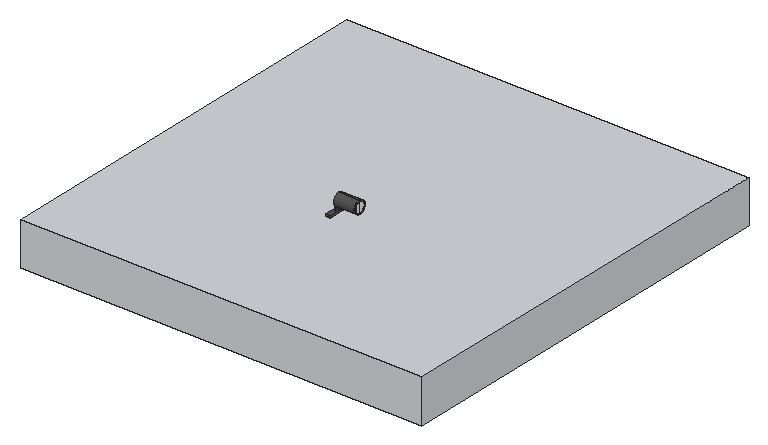
Revit family "Thorn TONIC M", category Lighting Fixtures, host Face, Revit 2018
Family settings
  Host = Face
  Round Connector Dimension = Use Diameter
  Part Type = Normal
  OmniClass Number = 23.80.70.11
  OmniClass Title = Luminaries for Internal Lighting
  Cut with Voids When Loaded = No
  Light Source = No
  Shared = No
  Room Calculation Point = No
Parameters (values of type "TONIC M 3600 940  3GU FL BK")
  Wattage Comments = ""
  Voltage = 230 V
  URL = "www.thornlighting.com//96638029"
  Type Comments = "© Thorn. We reserve the right to make technical changes without prior notice."  # constant formula
  Reflector = ZG_SI_Opaque
  Model = "96638029"
  Rotation [instance] = 0.00°
  Angle Value [instance] = -Angle  # 0.00°
  Angle [instance] = 0.00°
  Manufacturer = "Thorn Lighting"  # constant formula
  Length = 150 mm  # constant formula
  Lamp = "LED"
  Height = 85 mm  # constant formula
  Description = "LED spot luminaires"  # constant formula
  Default Elevation = 0 mm
  Body = ZG_Metal_Black
  Assembly Code = "D5020200"
  Apparent Load = 31.1 VA
Reference planes
  plane 1 "Center (Front/Back)": y = 0
  plane 2 "Top": z = 0
  plane 3 "Center (Left/Right)": x = 399.5
  plane 4: y = 84
  plane 5: x = 383.5
  plane 6: x = 415.5
  plane 7: y = -84
  plane 8: z = 12.5
  plane 9: z = 17.5
Forms (mm)
  Extrusion 1, solid
    sketch origin (116.179, 575, 0) x (1, 0, 0) y (0, 1, 0)
      loop
        line (-1016.679, 1125) -> (-1016.679, -1737.29) -> (1803.321, -1737.29) -> (1803.321, 1125) -> (-1016.679, 1125)
    from 0 to -304.8
  Extrusion 2, solid, material "ZG_Metal_Black" <- "Body"
    sketch origin (0, 0, 0) x (1, 0, 0) y (0, 1, 0)
      loop
        line (383.5, -84) -> (415.5, -84) -> (415.5, 84) -> (383.5, 84) -> (383.5, -84)
    from 0 to 12.5
  Extrusion 3, solid, material "ZG_Metal_Black" <- "Body"
    sketch origin (0, 0, 0) x (1, 0, 0) y (0, 1, 0)
      loop
        line (392, -84) -> (407, -84) -> (407, 84) -> (392, 84) -> (392, -84)
    from 0 to -31
  Revolve 4, solid, material "ZG_Metal_Black" <- "Body"
    sketch origin (399.5, 0, 0) x (1, 0, 0) y (0, 0, 1)
      loop
        line (17, 12.5) -> (17, 17.5) -> (0, 17.5) -> (0, 12.5) -> (17, 12.5)
      axis (0, 12.5) -> (0, 17.5)
    angle from 0 to 360
  Extrusion 5, solid, material "ZG_Metal_Black" <- "Body"
    sketch origin (0, 0, 0) x (1, 0, 0) y (0, 1, 0)
      loop
        circle (399.5, 0) r 6
    from 17.5 to 47.5
Lines and regions (mm)
  reference lines
    curve 1: line (399.5, 0, 0) -> (604.5, 0, 0)
Dimensions and locks
  "Rotation": angle plane 1 "Center (Front/Back)" to curve 1
  aligned and locked: Extrusion 1 to plane 2 "Top"
  aligned and locked: Extrusion 1 to level
  aligned and locked: plane 1 "Center (Front/Back)" to curve 1
  aligned and locked: plane 3 "Center (Left/Right)" to curve 1
Automatic sketch dimensions
  Extrusion 1 sketch curve to Extrusion 1 sketch curve = 2820 mm
  Extrusion 1 sketch curve to Extrusion 1 sketch curve = 2862.29 mm
  Extrusion 2 sketch curve to plane 4 = 0 mm
  Extrusion 2 sketch curve to plane 5 = 0 mm
  Extrusion 2 sketch curve to plane 6 = 0 mm
  plane 5 to Extrusion 3 sketch curve = 8.5 mm
  Extrusion 3 sketch curve to plane 6 = 8.5 mm
  Extrusion 3 sketch curve to plane 1 "Center (Front/Back)" = 84 mm
  plane 1 "Center (Front/Back)" to Extrusion 3 sketch curve = 84 mm
  plane 7 to Extrusion 2 sketch curve = 0 mm
  Revolve 4 sketch curve to curve 1 = 0 mm  (x2)
  Revolve 4 sketch curve to curve 1 = 12.5 mm
  curve 1 to Revolve 4 sketch curve = 17.5 mm
  curve 1 to Revolve 4 sketch curve = 32 mm
  curve 1 to Revolve 4 sketch curve = 57 mm
  Revolve 4 sketch curve to Revolve 4 sketch curve = 17 mm
  plane 1 "Center (Front/Back)" to Extrusion 5 sketch curve = 0 mm
  Extrusion 5 sketch curve to plane 3 "Center (Left/Right)" = 0 mm
  radius of Extrusion 5 sketch curve = 6 mm
Nested families
  nested 1: "Thorn TONIC M Body" at (605.5, -155, 56.5) x (1, 0, 0) z (0, 0, -1), Angle <- "Angle Value", type "TONIC M 3600 940 3GU FL BK"
    with Angle 0.00°
Connectors
  electrical at (399.5, 0, -31), driven by "Apparent Load", driven by "Voltage"
    settings: on Extrusion 3, index 1, voltage 230 V, apparent load 0 VA, apparent load phase1 31.1 VA, apparent load phase2 0 VA, apparent load phase3 0 VA, power factor 1, load classification "Lighting", number of poles 1, system type 30, power factor state 1, is connector primary yes, connector utility no, sub classification motor no, connector description "Power"
Definition of nested family "Thorn TONIC M Body"
  Parameters (values of type "TONIC M 3600 940 3GU FL BK")
    Wattage = 25.9388 W
    built-in parameter 1150110 = 1 (stored number, unit not read)
    Voltage = 230 V
    URL = ""
    Type Comments = ""
    built-in parameter 1114217 = 1 (stored number, unit not read)
    Tilt Angle = 0.00°
    built-in parameter 1150109 = 1 (stored number, unit not read)
    built-in parameter 1150134 = 12
    built-in parameter 1150113 = 1 (stored number, unit not read)
    Photometric Web File = "96638029 TONIC M.IES"
    Model = ""
    Manufacturer = ""
    built-in parameter 1150105 = 12264.1 (stored number, unit not read)
    Lumens = 3853 lm
    built-in parameter 1150115 = 1 (stored number, unit not read)
    built-in parameter 1150137 = (empty or 0)
    built-in parameter 1150139 = (empty or 0)
    built-in parameter 1150112 = 1 (stored number, unit not read)
    built-in parameter 1150114 = 1 (stored number, unit not read)
    Lamp = "LED"
    built-in parameter 1150132 = 2
    built-in parameter 1150102 = (empty or 0)
    built-in parameter 1150107 = 4000 (stored number, unit not read)
    built-in parameter 1150138 = (empty or 0)
    built-in parameter 1150106 = 122.64 (stored number, unit not read)
    built-in parameter 1150104 = 13.8 (stored number, unit not read)
    Dimming Lamp Color Temperature Shift = (empty or 0)
    Description = ""
    Default Elevation = 0 mm
    Cover = none
    Color Filter = 16777215
    Body = none
    built-in parameter 1114218 = 1 (stored number, unit not read)
    built-in parameter 1150133 = 10 (stored number, unit not read)
    Assembly Code = "D5020210"
    Apparent Load = 31.1 VA
    Angle [instance] = 35.00°
  Reference planes
    plane 1: z = 0
    plane 2 "Center (Front/Back)": y = -155
    plane 3 "Center (Left/Right)": x = -200
  Forms (mm)
    Revolve 1, solid, material <- "Body"
      sketch origin (-200, -155, 0) x (0.819152, 0, 0.573576) y (-0.573576, 0, 0.819152)
        loop
          line (0, -22) -> (140, -22) -> (140, 18.5) -> (150, 18.5) -> (150, 20.5) -> (0, 20.5) -> (0, -22)
        axis (0, -22) -> (150, -22)
      angle from 0 to 360
  Lines and regions (mm)
    reference lines
      curve 1: line (-200, -155, 0) -> (815.749, -155, 711.235)
      curve 2: line (-72.7, -155, 62.279) -> (-113.998, -155, 121.258)
      curve 3: line (-187.381, -155, -18.021) -> (-72.7, -155, 62.279)
  Dimensions and locks
    "Angle": angle plane 1 to curve 1
    aligned and locked: plane 3 "Center (Left/Right)" to curve 1
    aligned and locked: plane 1 to curve 1
    aligned and locked: imposter light to curve 2  (x2)
  Automatic sketch dimensions
    curve 1 to Revolve 1 sketch curve = 22 mm  (x2)
    Revolve 1 sketch curve to curve 1 = 0 mm  (x2)
    curve 1 to Revolve 1 sketch curve = 20.5 mm
    curve 1 to Revolve 1 sketch curve = 140 mm
    Revolve 1 sketch curve to Revolve 1 sketch curve = 10 mm
    Revolve 1 sketch curve to Revolve 1 sketch curve = 2 mm
    Revolve 1 sketch curve to Revolve 1 sketch curve = 65 mm
    curve 1 to curve 3 = 0 mm
    curve 1 to curve 2 = 22 mm
    curve 2 to curve 1 = 50 mm
    curve 1 to curve 2 = 140 mm
